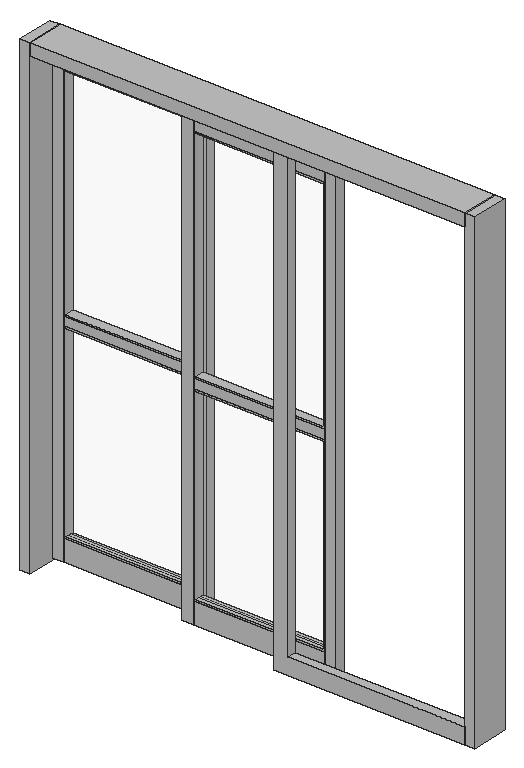
Revit family "Door_Sliding_Single_Tormax_TX9600-ICU-Telescoping-Surface", category Doors, host Wall, Revit 2026
Family settings
  Host = Wall
  Classification Number = 23.30.10.17.11
  Always vertical = Yes
  Cut with Voids When Loaded = No
  Shared = No
  Room Calculation Point = No
Parameters (values of type "7ft")
  Water Penetration = "as Specified"
  Warranty Duration (Years) = 0
  Visual Light Transmittance = VLT  # 0
  VLT = 0
  URL = "http://www.tormaxusa.com"
  U = 0.1000 BTU/(h·ft²·°F)
  Transom Height [instance] = 0' - 0"  # constant formula
  Trackless = no
  Thickness = Panel Thickness  # 0' - 1 3/4"
  Thermal Resistance (R) = R  # 0.0000 (h·ft²·°F)/BTU
  Test Data = ""
  Structural Test Pressure = "as Specified"
  Standards Conformance = "as Specified"
  Specification = "http://www.arcat.com/sdspecs/htm/08463tor.htm"
  SpecWizard = ""
  Solar Heat Gain Coefficient = SHGC  # 0
  Smoke Rated = no
  Sensor Color [instance] = Metal - Tormax - Black
  Send Message = "http://www.arcat.com/users.pl?action=UserEmail&company=Tormax+Technologies,+Inc.&coid=43969&rep=108&fax=210-494-5930&mf="
  Sales Information = "http://www.tormaxusa.com/contact.php"
  SHGC = 0
  RO Spacing_Sides = 0' - 0"
  Rough Width [instance] = Width + (RO Spacing_Sides * 2)  # 7' - 0"
  Rough Height [instance] = Height + (RO Spacing_Top)  # 7' - 4 1/4"
  R = 0.0000 (h·ft²·°F)/BTU
  Product Page URL = ""
  Panel C Width = 2' - 4 1/2"
  Panel B Width = 2' - 4 1/2"
  Panel A Width = 2' - 4 1/2"
  Overall Height [instance] = if(Include Transom, Height + Transom Height, Height)  # 7' - 4"
  Operating Temperature Range = "as Specified"
  RO Spacing_Top = 0' - 0 1/4"
  Product Properties = ""
  Product Data = "http://www.arcat.com/arcatcos/cos43/arc43969.html"
  Panel Thickness = 0' - 1 3/4"  # constant formula
  Offset from Exterior Wall [instance] = if(Backset from Offset Plane > Offset Plane from Exterior Wall Face, 0' 0", abs(Offset Plane from Exterior Wall Face - Backset from Offset Plane))  # 0' - 0"
  Model = "TX9620TL Surface"
  Miami Dade Conformance = "as Specified"
  Maximum Size = "Width and Height as Specified"
  Manufacturer Website = "http://www.tormaxusa.com"
  Manufacturer Phone - Toll Free = "888-685-3707"
  Manufacturer Phone = "210-494-3551"
  Manufacturer Fax = "210-494-5930"
  Manufacturer Address = "12859 Wetmore Rd. San Antonio, TX 78247"
  Manufacturer = "TORMAX USA Inc."  # constant formula
  Maintenance Schedule (Months) = 0
  Keynote = "08463"
  Installation-Fabrication = ""
  Installation Phase = ""
  Inset from Exterior Wall [instance] = if(Backset from Offset Plane > Offset Plane from Exterior Wall Face, abs(Offset Plane from Exterior Wall Face - Backset from Offset Plane), 0' 0")  # 0' - 0"
  Include Transom = 1 = 0  # no
  Height [instance] = 7' - 4"
  Heat Transfer Coefficient (U) = U  # 0.1000 BTU/(h·ft²·°F)
  Green Building-LEED = "http://www.arcat.com/green/clients/leed_data_43969.html"
  Glazing Tint [instance] = Glass - Tormax - Glazing as Specified
  Glazing Thickness_Transom [instance] = 0' - 0 1/2"
  Glazing Thickness_Sliding Panel [instance] = 0' - 0 1/2"
  Glazing Thickness_Fixed Panel [instance] = 0' - 0 1/2"
  Glazing Stop Width = 0' - 0 1/4"
  Function = Exterior
  Frame Thickness = 0' - 7"
  Frame Finish [instance] = Metal - Tormax - Aluminum Finished as Specified
  Fire Rating = "as Specified"
  Expected Lifespan (Years) = 0
  Drawn By = "Sumex Design, Inc. / Robert S. Weygant, CSI, CDT, SCIP"
  Door Stile_Operable Leaf_Wide [instance] = not(Door Stile_Operable Leaf_Narrow)  # no
  Door Stile_Operable Leaf_Narrow [instance] = yes
  Door Stile_Fixed Leaf_Wide [instance] = not(Door Stile_Fixed Leaf_Narrow)  # no
  Door Stile_Fixed Leaf_Narrow [instance] = yes
  Door Stile Width_Operable Leaf [instance] = if(Door Stile_Operable Leaf_Narrow, 0' 2 1/8", 0' 5 1/2")  # 0' - 2 1/8"
  Door Stile Width_Fixed Leaf [instance] = if(Door Stile_Fixed Leaf_Narrow, 0' 2 1/8", 0' 5 1/2")  # 0' - 2 1/8"
  Door Bottom Rail_Tall [instance] = not(Door Bottom Rail_Standard)  # no
  Door Bottom Rail_Standard [instance] = yes
  Door Bottom Rail Height [instance] = if(Door Bottom Rail_Standard, 0' 4", 0' 10")  # 0' - 4"
  Description = "Tormax Surface Mounted Single Telescoping Manual Sliding ICU Door - TX9620TL as Specified"
  Wall Closure = By host
  Width = 7' - 0"
  Define Thermal Properties by = Schematic Type
  Copyright = "©Arcat Inc."
  Construction Details = "http://www.arcat.com/details/tormax/tormax.html?coid=43969"
  Clear Door Opening Width = 3' - 9 1/4"
  Clear Door Opening Height [instance] = Height - 0' 3 3/4"  # 7' - 0 1/4"
  Center Rail Width = 0' - 1 3/4"
  CAD Details = ""
  Breakout_Partial = yes
  Breakout_Full = no
  Breakout Width = 4' - 0 1/2"
  Available Options = "as Specified"
  Assembly Code = "B2030110"
  Backset from Offset Plane [instance] = 0' - 0"
  Offset Plane from Exterior Wall Face [instance] = 0' - 0"
  Analytic Construction = "<None>"
  Air Infiltration = "as Specified"
  2D Plan Swing Angle [instance] = 30.00°
Types (3): name | Rough Width | Panel C Width | Panel B Width | Panel A Width | Width | Clear Door Opening Width | Breakout Width
  7ft | 7' - 0" | 2' - 4 1/2" | 2' - 4 1/2" | 2' - 4 1/2" | 7' - 0" | 3' - 9 1/4" | 4' - 0 1/2"
  8ft | 8' - 0" | 2' - 8 1/2" | 2' - 8 1/2" | 2' - 8 1/2" | 8' - 0" | 4' - 5 1/4" | 4' - 8 1/2"
  9ft | 9' - 0" | 3' - 0 1/2" | 3' - 0 1/2" | 3' - 0 1/2" | 9' - 0" | 5' - 1 1/4" | 5' - 4 1/2"
Reference planes (in)
  plane 1 "Center (Front/Back)": y = 1.6426
  plane 2: z = 0
  plane 3 "Center (Left/Right)": x = -0.5
  plane 4 "Left": x = -23.125
  plane 5 "Right": x = 22.125
  plane 6 "Bottom": z = 0
  plane 7 "Top": z = 84.5
  plane 8: x = -23.125
  plane 9: x = 22.125
  plane 10: z = 84.25
  plane 11: y = -1.3574
  plane 12: y = 4.6426
  plane 13: x = -24.875
Lines and regions (in)
  Opening 1
    outline origin (-60, -1.3574, 0) x (1, 0, 0) y (0, 0, 1)
      loop
        line (36.875, 84.5) -> (36.875, 0) -> (82.125, 0) -> (82.125, 84.5) -> (36.875, 84.5)
Text (in)
  text "EXTERIOR" at (-58.6888, 13.80127, 0), in view "Plan View"
  text "INTERIOR" at (-58.6888, -8.43329, 0), in view "Plan View"
  text "Exterior" at (0, 43.65631, 123.19604), in view "Left"
  text "Exterior" at (0, 18.29385, 125.04747), in view "Right"
Dimensions and locks (in)
  equal spacing: plane 4 "Left", plane 3 "Center (Left/Right)", plane 5 "Right"
  "RO Spacing_Sides": plane 4 "Left" to plane 8
  "RO Spacing_Sides": plane 5 "Right" to plane 9
  "RO Spacing_Top": plane 10 to plane 7 "Top"
  "Clear Door Opening Width": plane 8 to plane 9
  "Clear Door Opening Height": plane 10 to level
  locked: plane 13 to plane 4 "Left" at 1.75
  aligned and locked: plane 7 "Top" to Opening 1 sketch curve
  aligned and locked: plane 5 "Right" to Opening 1 sketch curve
  aligned and locked: plane 4 "Left" to Opening 1 sketch curve
  aligned and locked: level to plane 2
  aligned and locked: Opening 1 sketch curve to plane 2
  aligned and locked: plane 6 "Bottom" to plane 2
  aligned and locked: plane 1 "Center (Front/Back)" to host wall
  aligned and locked: plane 11 to host wall
  aligned and locked: plane 12 to host wall
  aligned and locked: plane 13 to nested 1
  aligned and locked: plane 12 to nested 1
Nested families (in)
  nested 1: "9600SS" at (17.125, 8.1426, 66) x (1, 0, 0) z (0, 1, 0), Unit Width <- "Width", Unit Height <- "Height", include transom <- "Include Transom", breakout angle <- "2D Plan Swing Angle", panel thickness <- "Panel Thickness", transom glazing <- "Glazing Tint", sliding panel glazing <- "Glazing Tint", frame finish <- "Frame Finish", transom height <- "Transom Height", transom glass thickness <- "Glazing Thickness_Transom", sliding glazing thickness <- "Glazing Thickness_Sliding Panel", fixed glazing thickness <- "Glazing Thickness_Fixed Panel", glazing stop width <- "Glazing Stop Width", bottom rail height <- "Door Bottom Rail Height", doodad finish <- "Sensor Color", stile width_operable <- "Door Stile Width_Operable Leaf", stile width_fixed <- "Door Stile Width_Fixed Leaf", fixed panel glazing <- "Glazing Tint", center rail width <- "Center Rail Width", primary panel width <- "Panel A Width", fixed panel width <- "Panel C Width", partial breakout <- "Breakout_Partial", trackless <- "Trackless", Smoke Rated <- "Smoke Rated", secondary panel width <- "Panel B Width", openingwidth <- "Clear Door Opening Width", type "Recessed Threshold"
    with transomsweepcontrol 0' - 1 3/16", transomheightcontrol 0' - 2 3/16", transomheaderheightcontrol 0' - 2 3/16", transom height 0' - 0", transom glazing Glass - Tormax - Glazing as Specified, transom glass thickness 0' - 0 1/2", trackless no, stile width_operable 0' - 2 1/8", stile width_fixed 0' - 2 1/8", sliding panel glazing Glass - Tormax - Glazing as Specified, sliding glazing thickness 0' - 0 1/2", secondary panel width 2' - 4 1/2", primary panel width 2' - 4 1/2", partial breakout yes, panelheightb 7' - 1 7/16", panelheighta 6' - 11 7/8", panel width 3' - 5 7/16", panel thickness 0' - 1 3/4", openingwidth 3' - 9 1/4", offsetsliding 0' - 2 5/8", offsetfixed -0' - 2 5/8", locatepanelfromright 0' - 0", locatepanelfromleft 0' - 0", include transom no, glazing stop width 0' - 0 1/4", full breakout no, frame finish Metal - Tormax - Aluminum Finished as Specified, fixedtrack yes, fixed panel width 2' - 4 1/2", fixed panel glazing Glass - Tormax - Glazing as Specified, fixed glazing thickness 0' - 0 1/2", doodad finish Metal - Tormax - Black, centerpanellocate 2' - 9", center rail width 0' - 1 3/4", breakout angle 30.00°, bottom rail height 0' - 4", air space 0' - 0 3/8", Unit Width 7' - 0", Unit Height 7' - 4", Smoke Rated no, Header Height 0' - 2 3/16", Clear Opening Height 7' - 0 1/4"
Definition of nested family "9600SS"
  Parameters (values of type "No Threshold")
    transomsweepcontrol [instance] = if(include transom, 0' 0", 0' 1 3/16")  # 0' - 1 3/16"
    transomheightcontrol [instance] = if(include transom, transom height, 0' 2 3/16")  # 0' - 2 3/16"
    transomheaderheightcontrol [instance] = if(include transom, 0' 1 3/4", 0' 2 3/16")  # 0' - 2 3/16"
    transom height [instance] = 3' - 4 3/16"
    transom glazing [instance] = none
    transom glass thickness [instance] = 0' - 0 1/8"
    trackless [instance] = yes
    surface threshold = no
    stile width_operable [instance] = 0' - 2 1/8"
    stile width_fixed [instance] = 0' - 2 1/8"
    secondary panel width [instance] = 2' - 9"
    panelheightb [instance] = Unit Height - Header Height - (air space)  # 6' - 9 7/16"
    panelheighta [instance] = Unit Height - Header Height - air space - 0' 1 9/16"  # 6' - 7 7/8"
    sliding panel glazing [instance] = none
    panel width [instance] = (Unit Width - (0' 1 3/4" * 2) + (stile width_fixed + glazing stop width)) / 2  # 3' - 5 7/16"
    panel thickness [instance] = 0' - 1 3/4"
    primary panel width [instance] = 2' - 9"
    openingwidth [instance] = 4' - 2 1/2"
    offsetsliding [instance] = if(full breakout, -0' 2 5/8", 0' 2 5/8")  # 0' - 2 5/8"
    offsetfixed [instance] = if(full breakout, 0' 2 5/8", -0' 2 5/8")  # -0' - 2 5/8"
    locatepanelfromright [instance] = 0' - 0"  # constant formula
    locatepanelfromleft [instance] = 0' - 0"  # constant formula
    include transom [instance] = no
    sliding glazing thickness [instance] = 0' - 0 1/2"
    glazing stop width [instance] = 0' - 0 1/4"
    full breakout [instance] = not(partial breakout)  # no
    frame finish [instance] = none
    fixedtrack [instance] = and(partial breakout, not(trackless))  # no
    fixed panel width [instance] = 2' - 6"
    fixed panel glazing [instance] = none
    fixed glazing thickness [instance] = 0' - 0 1/4"
    doodad finish [instance] = none
    centerpanellocate [instance] = 2' - 9"
    center rail width [instance] = 0' - 1 3/4"
    breakout angle [instance] = 45.00°
    partial breakout [instance] = yes
    bottom rail height [instance] = 0' - 4"
    air space [instance] = if(surface threshold, 0' 0 13/16", 0' 0 3/8")  # 0' - 0 3/8"
    Warranty Duration (Years) = 0
    Unit Width [instance] = 7' - 0"
    Unit Height [instance] = 7' - 0"
    Unit Depth = 2' - 8"
    URL = ""
    Threshold_recessed = no
    Specification = ""
    SpecWizard = ""
    Smoke Rated [instance] = no
    Send Message = ""
    Sales Information = ""
    Revision = "R1_01-2014"
    Product Properties = ""
    Product Data = ""
    Model = "As Specified"
    Manufacturer Website = ""
    Manufacturer Phone - Toll Free = ""
    Manufacturer Phone = ""
    Manufacturer Fax = ""
    Manufacturer Address = ""
    Manufacturer = ""
    Maintenance Schedule (Months) = 0
    Keynote = ""
    Installation-Fabrication = ""
    Installation Phase = ""
    Header Height [instance] = 0' - 2 3/16"  # constant formula
    Green Building-LEED = ""
    Expected Lifespan (Years) = 0
    Drawn By = "Sumex Design, Inc. / Robert S. Weygant, CSI, CDT, SCIP"
    Description = ""
    Default Elevation = 0' - 0"
    Copyright = "©Arcat Inc."
    Construction Details = ""
    Clear Opening Height [instance] = Unit Height - 0' 3 3/4"  # 6' - 8 1/4"
    Assembly Code = ""
    Analytic Construction = "<None>"
  Types (2): name | primary panel width | offsetsliding | offsetfixed | full breakout | fixed panel width | partial breakout | Threshold_recessed
    No Threshold | 2' - 9" | 0' - 2 5/8" | -0' - 2 5/8" | no | 2' - 6" | yes | no
    Recessed Threshold | 3' - 8 1/2" | -0' - 2 5/8" | 0' - 2 5/8" | yes | 3' - 2 1/2" | no | yes
  Reference planes (in)
    plane 1 "Center (Front/Back)": y = -25.09375
    plane 2 "Bottom": z = 0
    plane 3 "Center (Left/Right)": x = 0
    plane 4 "FF": y = -66
    plane 5 "Top": y = 20.1875
    plane 6 "Left": x = -42
    plane 7 "Right": x = 42
    plane 8: y = 18
    plane 9: x = -40.25
    plane 10: x = 40.25
    plane 11: y = -65.625
    plane 12: y = 15.8125
    plane 13: y = -66
    plane 14: z = -1.75
    plane 15: z = 3.5
    plane 16: z = -3.5
    plane 17: x = -20.125
    plane 18: y = 18
    plane 19: x = -7.25
    plane 20: x = -9.375
    plane 21: x = -9.625
    plane 22: x = 10.25
  Forms (in)
    Extrusion 1, solid, material <- "frame finish"
      sketch origin (0, -25.09375, 0) x (1, 0, 0) y (0, 0, 1)
        loop
          line (-42, -3.5) -> (-40.25, -3.5) -> (-40.25, 3.5) -> (-42, 3.5) -> (-42, -3.5)
        loop
          line (40.25, -3.5) -> (42, -3.5) -> (42, 3.5) -> (40.25, 3.5) -> (40.25, -3.5)
      from -43.09375 to 40.90625
    Extrusion 2, solid, material <- "frame finish"
      sketch origin (0, 0, 0) x (0, 1, 0) y (0, 0, 1)
        loop
          line (18, -3.5) -> (18, 3.5) -> (15.8125, 3.5) -> (15.8125, -3.5) -> (18, -3.5)
      from -40.25 to 40.25
    Extrusion 3, solid, material <- "frame finish"
      sketch origin (0, 0, 0) x (0, 1, 0) y (0, 0, 1)
        loop
          line (14.25, 0) -> (15.8125, 0) -> (15.8125, 0.3125) -> (14.25, 0.3125) -> (14.25, 0)
      from -40.25 to 40.25
    Extrusion 4, solid, material <- "frame finish"
      sketch origin (42, -180, -3.5) x (0, -1, 0) y (-1, 0, 0)
        loop
          line (-114, 31.75) -> (-195.8125, 31.75) -> (-195.8125, 29.25) -> (-117, 29.25) -> (-117, 1.75) -> (-114, 1.75) -> (-114, 31.75)
      from 0 to -1.75
  Dimensions and locks (in)
    equal spacing: plane 6 "Left", plane 3 "Center (Left/Right)", plane 7 "Right"
    "Unit Width": plane 6 "Left" to plane 7 "Right"
    "transomheightcontrol": plane 5 "Top" to plane 8
    locked: plane 10 to plane 7 "Right" at 1.75
    locked: plane 6 "Left" to plane 9 at 1.75
    "air space": plane 11 to plane 4 "FF"
    locked: level to plane 14 at 1.75
    equal spacing: plane 15, level, plane 16
    locked: plane 15 to plane 16 at 7
    equal spacing: plane 9, plane 17, plane 3 "Center (Left/Right)"
    "Unit Height": plane 4 "FF" to plane 8
    "Header Height": plane 12 to plane 8
    equal spacing: plane 4 "FF", plane 1 "Center (Front/Back)", plane 12
    "transomheaderheightcontrol": plane 18 to plane 5 "Top"
    Extrusion 3 sketch curve to Extrusion 3 sketch curve to plane 8 = 0' - 1 9/16" locked, 0' - 2 3/16" locked
    Extrusion 3 sketch curve to level to Extrusion 3 sketch curve = 0' - 0 5/16" locked, 0' - 0" locked
    "primary panel width": plane 9 to plane 19
    "stile width_operable": plane 19 to plane 20
    "glazing stop width": plane 20 to plane 21
    Extrusion 4 sketch curve to plane 4 "FF" to Extrusion 4 sketch curve = 0' - 3" locked, 0' - 0" locked
    plane 22 to Extrusion 4 sketch curve to Extrusion 4 sketch curve = 0' - 0" locked, 0' - 2 1/2" locked
    "openingwidth": plane 9 to plane 22
    aligned and locked: Extrusion 1 to plane 4 "FF"
    aligned and locked: plane 8 to Extrusion 2 sketch curve
    aligned and locked: plane 9 to Extrusion 1 sketch curve
    aligned and locked: plane 10 to Extrusion 1 sketch curve
    aligned and locked: Extrusion 1 sketch curve to plane 7 "Right"
    aligned and locked: plane 6 "Left" to Extrusion 1 sketch curve
    aligned and locked: plane 10 to Extrusion 2
    aligned and locked: Extrusion 2 to plane 9
    aligned and locked: nested 1 to plane 9
    aligned and locked: Extrusion 1 to plane 18
    aligned and locked: Extrusion 2 sketch curve to plane 15
    aligned and locked: plane 12 to Extrusion 2 sketch curve
    aligned and locked: nested 1 to plane 11
    aligned and locked: plane 10 to Extrusion 3
    aligned and locked: Extrusion 3 to plane 9
    aligned and locked: plane 15 to Extrusion 1 sketch curve  (x2)
    aligned and locked: Extrusion 1 sketch curve to plane 16  (x2)
    aligned and locked: plane 16 to Extrusion 2 sketch curve
    aligned and locked: nested 2 to plane 21
    aligned and locked: nested 2 to plane 11
    aligned and locked: plane 12 to Extrusion 4 sketch curve
    aligned and locked: plane 10 to Extrusion 4 sketch curve
  Nested families (in)
    nested 1: "FramedPanel" at (-23.75, -25.6875, 2.625), stilewidth <- "stile width_operable", Width <- "primary panel width", breakout angle <- "breakout angle", frame finish <- "frame finish", fixed panel glazing <- "sliding panel glazing", glazing thickness <- "sliding glazing thickness", glassstopwidth <- "glazing stop width", bottomrailheight <- "bottom rail height", Height <- "panelheighta", doodad <- "doodad finish", centerrail <- "center rail width", built-in parameter 1001364 <- "offsetsliding", Latch <- "Smoke Rated", type "FramedPanel"
      with stilewidth 0' - 2 1/8", sliding yes, header height 0' - 2 1/8", glazing thickness 0' - 0 1/2", glassstopwidth 0' - 0 1/4", frame finish none, fixedtrack no, fixed panel glazing none, doodad none, directionalarrowinterior no, directionalarrowexterior yes, centerrail 0' - 1 3/4", breakoutswing yes, breakout angle 45.00°, bottomrailheightactual 0' - 4", bottomrailheight 0' - 4", airspaceunderdoor 0' - 0", built-in parameter 1001301 2' - 9", Latch no, built-in parameter 1001300 6' - 7 7/8"
    nested 2: "FramedPanel" at (6.875, -25.6875, 0), stilewidth <- "stile width_operable", Width <- "secondary panel width", breakout angle <- "breakout angle", frame finish <- "frame finish", fixed panel glazing <- "sliding panel glazing", glazing thickness <- "sliding glazing thickness", glassstopwidth <- "glazing stop width", bottomrailheight <- "bottom rail height", Height <- "panelheighta", doodad <- "doodad finish", centerrail <- "center rail width", breakoutswing <- "full breakout", type "FramedPanel"
      with stilewidth 0' - 2 1/8", sliding yes, header height 0' - 2 1/8", glazing thickness 0' - 0 1/2", glassstopwidth 0' - 0 1/4", frame finish none, fixedtrack no, fixed panel glazing none, doodad none, directionalarrowinterior no, directionalarrowexterior yes, centerrail 0' - 1 3/4", breakoutswing no, breakout angle 45.00°, bottomrailheightactual 0' - 4", bottomrailheight 0' - 4", airspaceunderdoor 0' - 0", built-in parameter 1001301 2' - 9", Latch no, built-in parameter 1001300 6' - 7 7/8"
  Definition of nested family "FramedPanel"
    Parameters (values of type "FramedPanel")
      stilewidth [instance] = 0' - 2 3/16"
      sliding [instance] = yes
      header height [instance] = 0' - 3 1/2"
      glazing thickness [instance] = 0' - 0 3/4"
      glassstopwidth [instance] = 0' - 0 1/4"
      frame finish [instance] = none
      fixedtrack [instance] = yes
      fixed panel glazing [instance] = none
      doodad [instance] = none
      directionalarrowinterior [instance] = yes
      directionalarrowexterior [instance] = yes
      centerrail [instance] = 0' - 1 3/4"
      breakoutswing [instance] = yes
      breakout angle [instance] = 45.00°
      bottomrailheightactual [instance] = bottomrailheight + airspaceunderdoor  # 0' - 6"
      bottomrailheight [instance] = 0' - 6"
      airspaceunderdoor [instance] = 0' - 0"
      Width [instance] = 2' - 8"
      Warranty Duration (Years) = 0
      URL = ""
      Specification = ""
      SpecWizard = ""
      Send Message = ""
      Sales Information = ""
      Revision = "R1_01-2014"
      Product Properties = ""
      Product Data = ""
      Model = "As Specified"
      Manufacturer Website = ""
      Manufacturer Phone - Toll Free = ""
      Manufacturer Phone = ""
      Manufacturer Fax = ""
      Manufacturer Address = ""
      Manufacturer = ""
      Maintenance Schedule (Months) = 0
      Latch [instance] = yes
      Keynote = ""
      Installation-Fabrication = ""
      Installation Phase = ""
      Height [instance] = 6' - 0"
      Green Building-LEED = ""
      Expected Lifespan (Years) = 0
      Drawn By = "Sumex Design, Inc. / Robert S. Weygant, CSI, CDT, SCIP"
      Description = ""
      Default Elevation = 0' - 0"
      Copyright = "©Arcat Inc."
      Construction Details = ""
      Assembly Code = ""
      Analytic Construction = "<None>"
    Reference planes (in)
      plane 1 "Center (Front/Back)": y = 0
      plane 2 "Bottom": z = 0
      plane 3 "Center (Left/Right)": x = 0
      plane 4 "Front": y = -36
      plane 5 "Back": y = 36
      plane 6 "Left": x = -16
      plane 7 "Right": x = 16
      plane 8 "Side1": z = 0.875
      plane 9: z = -0.875
      plane 10: z = 0.375
      plane 11: z = -0.375
      plane 12: y = -30
      plane 13: y = -29.75
      plane 14: x = -13.8125
      plane 15: y = 32.5
      plane 16: y = 4
      plane 17: y = 4.875
      plane 18: y = 3.125
      plane 19: y = 5.125
      plane 20: y = 2.875
      plane 21: x = -13.5625
      plane 22: x = 13.8125
      plane 23: y = 32.25
      plane 24: y = -36
      plane 25: y = 0
      plane 26: x = 13.5625
    Forms (in)
      Extrusion 1, solid, material <- "frame finish"
        sketch origin (-14.75, 57.80249, -0.875) x (1, 0, 0) y (0, 1, 0)
          loop
            line (30.75, -21.80249) -> (28.5625, -21.80249) -> (28.5625, -93.80249) -> (30.75, -93.80249) -> (30.75, -21.80249)
          loop
            line (-1.25, -21.80249) -> (-1.25, -93.80249) -> (0.9375, -93.80249) -> (0.9375, -21.80249) -> (-1.25, -21.80249)
        from 0 to 1.75
      Extrusion 2, solid, material <- "frame finish"
        sketch origin (-14.75, 57.80249, -0.875) x (1, 0, 0) y (0, 1, 0)
          loop
            line (0.9375, -21.80249) -> (0.9375, -25.30249) -> (28.5625, -25.30249) -> (28.5625, -21.80249) -> (0.9375, -21.80249)
        from 0 to 1.75
      Extrusion 3, solid, material <- "frame finish"
        sketch origin (-14.75, 57.80249, -0.875) x (1, 0, 0) y (0, 1, 0)
          loop
            line (0.9375, -52.92749) -> (0.9375, -54.67749) -> (28.5625, -54.67749) -> (28.5625, -52.92749) -> (0.9375, -52.92749)
        from 0 to 1.75
      Extrusion 4, solid, material <- "frame finish"
        sketch origin (-14.75, 57.80249, -0.875) x (1, 0, 0) y (0, 1, 0)
          loop
            line (28.5625, -87.80249) -> (0.9375, -87.80249) -> (0.9375, -93.80249) -> (28.5625, -93.80249) -> (28.5625, -87.80249)
        from 0 to 1.75
      Extrusion 5, solid, material <- "frame finish"
        sketch origin (-14.75, 57.80249, -0.875) x (1, 0, 0) y (0, 1, 0)
          loop
            line (0.9375, -25.30249) -> (0.9375, -52.92749) -> (28.5625, -52.92749) -> (28.5625, -25.30249) -> (28.3125, -25.30249) -> (28.3125, -52.67749) -> (1.1875, -52.67749) -> (1.1875, -25.30249) -> (0.9375, -25.30249)
        from 0 to 1.75
      Extrusion 6, solid, material <- "frame finish"
        sketch origin (-14.75, 57.80249, -0.875) x (1, 0, 0) y (0, 1, 0)
          loop
            line (0.9375, -54.67749) -> (0.9375, -87.80249) -> (28.5625, -87.80249) -> (28.5625, -54.67749) -> (0.9375, -54.67749)
          loop
            line (28.3125, -87.55249) -> (28.3125, -54.92749) -> (1.1875, -54.92749) -> (1.1875, -87.55249) -> (28.3125, -87.55249)
        from 0 to 1.75
      Extrusion 7, solid, material <- "fixed panel glazing"
        sketch origin (-14.75, 57.80249, -0.875) x (1, 0, 0) y (0, 1, 0)
          loop
            line (1.1875, -25.55249) -> (1.1875, -87.55249) -> (28.3125, -87.55249) -> (28.3125, -25.55249) -> (1.1875, -25.55249)
        from 0.5 to 1.25
      Extrusion 8, solid, material <- "frame finish", visible <- "sliding"
        sketch origin (0, 0, 0) x (0, 1, 0) y (0, 0, 1)
          loop
            line (36, 0.73267) -> (36, -0.76733) -> (38, -0.76733) -> (38, 0.73267) -> (36, 0.73267)
        from -16 to 16
      Extrusion 9, solid, material <- "frame finish"
        sketch origin (0, 0, 0) x (1, 0, 0) y (0, 1, 0)
          loop
            line (-13.5625, 32.5) -> (-13.5625, 32.25) -> (13.5625, 32.25) -> (13.5625, 32.5) -> (-13.5625, 32.5)
        from -0.875 to 0.875
      Extrusion 10, solid, material <- "frame finish", visible <- "fixedtrack"
        sketch origin (0, 0, 0) x (0, 1, 0) y (0, 0, 1)
          loop
            line (-36, 0.875) -> (-36.375, 0.875) -> (-36.375, -0.875) -> (-36, -0.875) -> (-36, 0.875)
        from -16 to 16
      Extrusion 11, solid, material <- "frame finish", visible <- "Latch"
        sketch origin (-0.08268, 5.92397, 0) x (1, 0, 0) y (0, 1, 0)
          loop
            line (14.38604, -0.36519) -> (14.38604, -3.36519) -> (15.4935, -3.36519) -> (15.4935, -0.36519) -> (14.38604, -0.36519)
        from -1.02466 to 1.01349
      Extrusion 12, solid, material <- "frame finish", visible <- "Latch"
        sketch origin (16, 16.34522, 48) x (0, 1, 0) y (0, 0, 1)
          loop
            line (-12.59522, -46.23651) -> (-12.59522, -49.76349) -> (-14.34522, -49.76349) -> (-14.34522, -50.01349) -> (-12.09522, -50.01349) -> (-12.09522, -45.98651) -> (-14.34522, -45.98651) -> (-14.34522, -46.23651) -> (-12.59522, -46.23651)
        from -1.41722 to -0.8521
    Lines and regions (in)
      Masking region 1, visible <- "directionalarrowexterior"
        outline origin (0, 0, 0) x (1, 0, 0) y (0, 0, 1)
          loop
            line (-2.23256, 3.10174) -> (2.23256, 3.10174) -> (2.23256, 2.125) -> (3.76744, 3.65988) -> (2.23256, 5.19477) -> (2.23256, 4.21802) -> (-2.23256, 4.21802) -> (-2.23256, 3.10174)
      Masking region 2, visible <- "directionalarrowinterior"
        outline origin (0, 0, -9.75) x (1, 0, 0) y (0, 0, 1)
          loop
            line (-2.23256, 5.53198) -> (2.23256, 5.53198) -> (2.23256, 4.55523) -> (3.76744, 6.09012) -> (2.23256, 7.625) -> (2.23256, 6.64826) -> (-2.23256, 6.64826) -> (-2.23256, 5.53198)
      Masking region 3, visible <- "sliding"
        outline origin (0, 0, 0) x (1, 0, 0) y (0, 1, 0)
          loop
            line (0, 11) -> (-3, 11) -> (-3, 9.5) -> (0, 9.5) -> (0, 8.75) -> (1.5, 10.25) -> (0, 11.75) -> (0, 11)
      symbolic lines, visible <- "breakoutswing"
        curve 1: line (-16, 36, 0) -> (16, 0, 0)
        curve 2: line (16, 0, 0) -> (-16, -36, 0)
        curve 6: line (-6.62742, -36, 23.50242) -> (-7.86485, -36, 22.26498)
        curve 7: line (-7.86485, -36, 22.26498) -> (14.76256, -36, -0.36244)
        curve 8: line (16, -36, 0.875) -> (14.76256, -36, -0.36244)
      model lines, visible <- "breakoutswing"
        curve 3: arc (-16, -36, 0.875) -> (-13.56415, -36, 13.12087) -> (-6.62742, -36, 23.50242) r 32
        curve 4: line (16, -36, 0.875) -> (-6.62742, -36, 23.50242)
      reference lines
        curve 5: line (16, -36, 0.875) -> (7.51472, -36, 9.36028)
    Dimensions and locks (in)
      equal spacing: plane 6 "Left", plane 3 "Center (Left/Right)", plane 7 "Right"
      "Width": plane 6 "Left" to plane 7 "Right"
      equal spacing: plane 5 "Back", plane 1 "Center (Front/Back)", plane 4 "Front"
      "Height": plane 5 "Back" to plane 4 "Front"
      locked: plane 8 "Side1" to level at 0.875
      locked: level to plane 9 at 0.875
      equal spacing: plane 10, level, plane 11
      "glazing thickness": plane 10 to plane 11
      "bottomrailheight": plane 12 to plane 24
      "glassstopwidth": plane 13 to plane 12
      "stilewidth": plane 6 "Left" to plane 14
      "header height": plane 5 "Back" to plane 15
      locked: plane 16 to plane 24 at 40
      equal spacing: plane 17, plane 16, plane 18
      "glassstopwidth": plane 19 to plane 17
      "glassstopwidth": plane 18 to plane 20
      "glassstopwidth": plane 14 to plane 21
      "stilewidth": plane 22 to plane 7 "Right"
      "glassstopwidth": plane 15 to plane 23
      "airspaceunderdoor": plane 24 to plane 4 "Front"
      equal spacing: plane 5 "Back", plane 25, plane 24
      "glassstopwidth": plane 26 to plane 22
      "Width": curve 6 to curve 8
      "bottomrailheightactual": plane 12 to Extrusion 4 sketch curve
      "bottomrailheightactual": plane 12 to Extrusion 1 sketch curve  (x2)
      "centerrail": plane 17 to plane 18
      Masking region 1 sketch curve to Masking region 1 sketch curve to Masking region 1 sketch curve to plane 3 "Center (Left/Right)" to Masking region 1 sketch curve = 0' - 1.53488" locked, 0' - 0" locked, 0' - 2.23256" locked, 0' - 2.23256" locked
      Masking region 2 sketch curve to Masking region 2 sketch curve to Masking region 2 sketch curve to plane 3 "Center (Left/Right)" to Masking region 2 sketch curve = 0' - 1.53488" locked, 0' - 0" locked, 0' - 2.23256" locked, 0' - 2.23256" locked
      locked: plane 8 "Side1" to Extrusion 8 sketch curve at 0.14233
      locked: Extrusion 8 sketch curve to plane 9 at 0.10767
      locked: plane 5 "Back" to Extrusion 8 sketch curve at 2
      Masking region 3 sketch curve to Masking region 3 sketch curve to Masking region 3 sketch curve to Masking region 3 sketch curve to Masking region 3 sketch curve to plane 16 = 0' - 0 3/4" locked, 0' - 0 3/4" locked, 0' - 0 3/4" locked, 0' - 0 3/4" locked, 0' - 4 3/4" locked
      locked: Extrusion 10 sketch curve to plane 24 at 0.375
      Extrusion 11 sketch curve to Extrusion 11 sketch curve = 0' - 3"
      Extrusion 11 sketch curve to Extrusion 11 sketch curve to plane 7 "Right" = 0' - 1.10746" locked, 0' - 0.58918" locked
      locked: Extrusion 11 sketch curve to plane 16 at 1.55877
      Extrusion 12 sketch curve to Extrusion 12 sketch curve to Extrusion 12 sketch curve to plane 16 to Extrusion 12 sketch curve = 0' - 0" locked, 0' - 1 3/4" locked, 0' - 0 1/4" locked, 0' - 0 1/4" locked
      "Width": radius of curve 3
      "breakout angle": angle curve 4 to plane 8 "Side1"
      "breakout angle": angle curve 5 to plane 8 "Side1"
      aligned: Extrusion 4 to plane 4 "Front"
      aligned and locked: plane 12 to Extrusion 4
      aligned and locked: Extrusion 6 to plane 12
      aligned and locked: plane 13 to Extrusion 6
      aligned and locked: Extrusion 7 to plane 13
      aligned and locked: plane 6 "Left" to Extrusion 1 sketch curve
      aligned and locked: Extrusion 1 sketch curve to plane 14
      aligned and locked: plane 7 "Right" to Extrusion 1 sketch curve
      aligned and locked: Extrusion 6 sketch curve to plane 21
      aligned and locked: Extrusion 6 sketch curve to plane 14
      aligned and locked: plane 22 to Extrusion 6 sketch curve
      aligned and locked: plane 18 to Extrusion 3 sketch curve
      aligned and locked: Extrusion 3 sketch curve to plane 17
      aligned and locked: plane 14 to Extrusion 3 sketch curve
      aligned and locked: plane 17 to Extrusion 5 sketch curve
      aligned and locked: Extrusion 5 sketch curve to plane 19
      aligned and locked: plane 14 to Extrusion 5 sketch curve
      aligned and locked: plane 21 to Extrusion 5 sketch curve
      aligned and locked: Extrusion 5 sketch curve to plane 15  (x2)
      aligned and locked: Extrusion 2 sketch curve to plane 15
      aligned and locked: Extrusion 2 sketch curve to plane 14
      aligned and locked: plane 5 "Back" to Extrusion 2 sketch curve
      aligned and locked: Extrusion 1 sketch curve to plane 5 "Back"  (x2)
      aligned: plane 7 "Right" to Extrusion 4
      aligned and locked: Extrusion 7 sketch curve to plane 21
      aligned and locked: Extrusion 7 sketch curve to plane 23
      aligned and locked: plane 13 to Extrusion 7 sketch curve
      aligned and locked: Extrusion 4 sketch curve to plane 14
      aligned and locked: plane 12 to Extrusion 4 sketch curve
      aligned and locked: plane 24 to curve 2
      aligned and locked: plane 6 "Left" to curve 2
      aligned and locked: plane 5 "Back" to curve 1
      aligned and locked: plane 6 "Left" to curve 1
      aligned and locked: plane 10 to Extrusion 7
      aligned and locked: Extrusion 7 to plane 11
      aligned and locked: plane 8 "Side1" to Extrusion 1
      aligned and locked: Extrusion 1 to plane 9
      aligned and locked: plane 8 "Side1" to Extrusion 4
      aligned and locked: Extrusion 4 to plane 9
      aligned and locked: plane 8 "Side1" to curve 4
      aligned and locked: plane 8 "Side1" to curve 3
      aligned and locked: plane 26 to Extrusion 5 sketch curve
      aligned and locked: plane 22 to Extrusion 5 sketch curve
      aligned and locked: Extrusion 7 sketch curve to plane 26
      aligned and locked: Extrusion 2 sketch curve to plane 22
      aligned and locked: plane 26 to Extrusion 6 sketch curve
      aligned and locked: plane 7 "Right" to curve 3
      aligned and locked: plane 7 "Right" to curve 4
      aligned and locked: plane 22 to Extrusion 3 sketch curve
      aligned and locked: plane 22 to Extrusion 1 sketch curve
      aligned and locked: Extrusion 4 sketch curve to plane 22
      aligned and locked: plane 25 to curve 1
      aligned and locked: plane 7 "Right" to curve 2
      aligned and locked: plane 7 "Right" to curve 5
      aligned and locked: plane 8 "Side1" to curve 5
      aligned and locked: plane 18 to Extrusion 6 sketch curve
      aligned and locked: Extrusion 6 sketch curve to plane 20
      aligned and locked: Extrusion 8 sketch curve to plane 5 "Back"
      aligned and locked: Extrusion 8 to plane 6 "Left"
      aligned and locked: plane 7 "Right" to Extrusion 8
      aligned and locked: Extrusion 9 sketch curve to plane 26
      aligned and locked: Extrusion 9 sketch curve to plane 15
      aligned and locked: plane 23 to Extrusion 9 sketch curve
      aligned and locked: Extrusion 9 sketch curve to plane 21
      aligned and locked: Extrusion 9 to plane 9
      aligned and locked: plane 8 "Side1" to Extrusion 9
      aligned and locked: plane 8 "Side1" to Extrusion 10 sketch curve
      aligned and locked: Extrusion 10 sketch curve to plane 9
      aligned and locked: plane 7 "Right" to Extrusion 10
      aligned and locked: Extrusion 10 to plane 6 "Left"
    Automatic sketch dimensions
      plane 8 "Side1" to Masking region 1 sketch curve = 0' - 1 1/4"
      plane 8 "Side1" to Masking region 1 sketch curve = 0' - 2.22674"
      Masking region 1 sketch curve to Masking region 1 sketch curve = 0' - 0.55814"
      Masking region 1 sketch curve to Masking region 1 sketch curve = 0' - 0.97674"
      Masking region 2 sketch curve to plane 9 = 0' - 4.31977"
      Masking region 2 sketch curve to plane 9 = 0' - 3.34302"
      Masking region 2 sketch curve to Masking region 2 sketch curve = 0' - 0.55814"
      Masking region 2 sketch curve to Masking region 2 sketch curve = 0' - 0.97674"
      Extrusion 6 sketch curve to plane 12 = 0' - 0"
      Extrusion 6 sketch curve to plane 13 = 0' - 0"
      Masking region 3 sketch curve to plane 3 "Center (Left/Right)" = 0' - 0"  (x2)
      Masking region 3 sketch curve to Masking region 3 sketch curve = 0' - 3"
      Extrusion 10 sketch curve to plane 4 "Front" = 0' - 0"
      Extrusion 12 sketch curve to plane 9 = 0' - 1.13849"
      Extrusion 12 sketch curve to Extrusion 12 sketch curve = 0' - 0 1/4"  (x2)
      plane 8 "Side1" to Extrusion 12 sketch curve = 0' - 0.88849"
      curve 8 to curve 5 = 0' - 0"  (x2)
      curve 7 to curve 5 = 0' - 1 3/4"
      curve 5 to curve 6 = 0' - 0"
